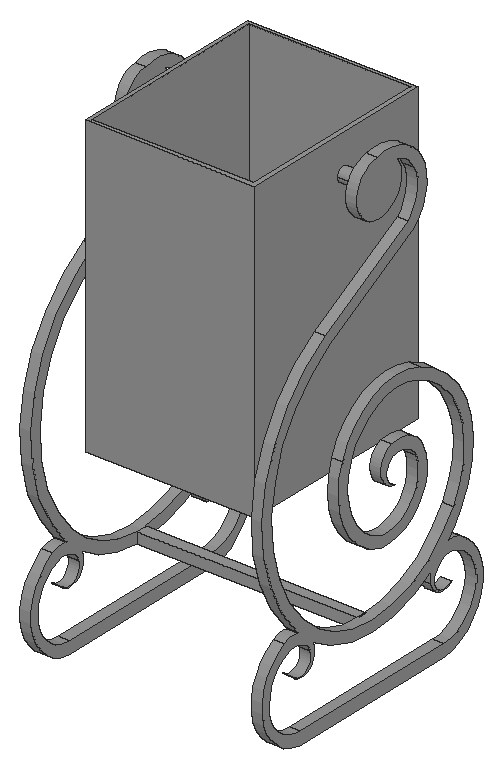
Revit family "10931 Уличная урна для мусора «Валюта без крышки» Хоббика", category Антураж, Revit 2018
Family settings
  На основе рабочей плоскости = Нет
  Всегда вертикально = Да
  При загрузке вырезать с полостями = Нет
  Источник визуального образа = Геометрия семейства
  Общий = Нет
  Точка расчета площади = Нет
Parameters (values of type "Уличная урна для мусора «Валюта без крышки»")
  Ширина = 380 mm  # constant formula
  Цвет основания = Сталь
  Описание = "Уличная урна для мусора «Валюта без крышки»"  # constant formula
  Материал изделия = "Сталь"  # constant formula
  Изображение типоразмера = Уличная урна для мусора «Валюта без крышки» Арт 10931.jpg
  Изготовитель = "ООО «Хоббика»"  # constant formula
  Длина = 334 mm  # constant formula
  Группа модели = "Уличные урны"  # constant formula
  Высота = 680 mm  # constant formula
  Артикул товара = "Арт. 10931"  # constant formula
  URL = "https://hobbyka.ru/product/ulichnaya_urna_dlya_musora_valyuta_bez_kryshki/"
Reference planes
  plane 1 "По центру (Вперед/Назад)": y = 0
  plane 2: z = 0
  plane 3 "По центру (Влево/Вправо)": x = 0
  plane 4: x = 334
  plane 5: y = 380
  plane 6: z = 680
Forms (mm)
  Extrusion 1, solid, material "Сталь" <- "Цвет основания"
    sketch origin (0, 0, 0) x (0, 1, 0) y (0, 0, 1)
      loop
        line (313.513, 17.344) -> (66.487, 17.344)
        arc (66.487, 17.344) -> (12.069, 62.142) -> (45.577, 124.153) r 55.451
        arc (45.577, 124.153) -> (67.159, 124.182) -> (82.664, 109.168) r 28.711
        arc (82.664, 109.168) -> (76.581, 87.346) -> (53.994, 89.093) r 17.837
        arc (53.994, 89.093) -> (74.887, 84.441) -> (88.637, 100.846) r 20.606
        arc (88.637, 100.846) -> (75.024, 135.051) -> (38.287, 137.428) r 34.449
        arc (38.287, 137.428) -> (1.349, 58.938) -> (65, 0) r 73.436
        line (65, 0) -> (315, 0)
        arc (315, 0) -> (378.651, 58.938) -> (341.713, 137.428) r 73.436
        arc (341.713, 137.428) -> (304.976, 135.051) -> (291.363, 100.846) r 34.449
        arc (291.363, 100.846) -> (305.113, 84.441) -> (326.006, 89.093) r 20.606
        arc (326.006, 89.093) -> (303.419, 87.346) -> (297.336, 109.168) r 17.837
        arc (297.336, 109.168) -> (312.841, 124.182) -> (334.423, 124.153) r 28.711
        arc (334.423, 124.153) -> (367.931, 62.142) -> (313.513, 17.344) r 55.451
    from 0 to 15
  Extrusion 2, solid, material "Сталь" <- "Цвет основания"
    sketch origin (0, 0, 0) x (0, 1, 0) y (0, 0, 1)
      loop
        arc (329.972, 179.351) -> (207.428, 101.608) -> (71.397, 152.173) r 163.246
        arc (71.397, 152.173) -> (16.883, 323.932) -> (116.628, 474.01) r 208.459
        line (116.628, 474.01) -> (260.94, 554.004)
        arc (260.94, 554.004) -> (282.215, 592.49) -> (274.795, 635.835) r 66.447
        arc (274.795, 635.835) -> (242.663, 664.747) -> (199.545, 667.777) r 66.447
        arc (199.545, 667.777) -> (184.977, 594.9) -> (231.501, 652.854) r 38.252
        arc (231.501, 652.854) -> (248.966, 643.654) -> (261.68, 628.554) r 51.447
        arc (261.68, 628.554) -> (267.55, 595.769) -> (252.108, 566.259) r 51.447
        line (252.108, 566.259) -> (109.155, 487.019)
        arc (109.155, 487.019) -> (2.045, 326.137) -> (60.465, 141.902) r 223.459
        arc (60.465, 141.902) -> (208.995, 86.69) -> (342.801, 171.576) r 178.246
        arc (342.801, 171.576) -> (355.614, 291.298) -> (271.809, 377.751) r 141.874
        arc (271.809, 377.751) -> (192.816, 375.532) -> (138.31, 318.313) r 103.726
        arc (138.31, 318.313) -> (136.93, 247.004) -> (181.92, 191.661) r 103.726
        arc (181.92, 191.661) -> (261.45, 199.471) -> (277.53, 277.748) r 67.346
        arc (277.53, 277.748) -> (255.219, 300.144) -> (223.722, 302.839) r 45.974
        arc (223.722, 302.839) -> (204.21, 275.207) -> (227.659, 250.827) r 26.559
        arc (227.659, 250.827) -> (213.314, 269.596) -> (227.659, 288.365) r 19.451
        arc (227.659, 288.365) -> (248.88, 286.549) -> (263.911, 271.461) r 30.974
        arc (263.911, 271.461) -> (251.413, 210.618) -> (189.597, 204.548) r 52.346
        arc (189.597, 204.548) -> (151.113, 251.887) -> (152.294, 312.885) r 88.726
        arc (152.294, 312.885) -> (198.917, 361.829) -> (266.487, 363.727) r 88.726
        arc (266.487, 363.727) -> (341.431, 286.414) -> (329.972, 179.351) r 126.874
    from 0 to 15
  Extrusion 3, solid, material "Сталь" <- "Цвет основания"
    sketch origin (0, 0, 0) x (0, 1, 0) y (0, 0, 1)
      loop
        line (313.513, 17.344) -> (66.487, 17.344)
        arc (66.487, 17.344) -> (12.069, 62.142) -> (45.577, 124.153) r 55.451
        arc (45.577, 124.153) -> (67.159, 124.182) -> (82.664, 109.168) r 28.711
        arc (82.664, 109.168) -> (76.581, 87.346) -> (53.994, 89.093) r 17.837
        arc (53.994, 89.093) -> (74.887, 84.441) -> (88.637, 100.846) r 20.606
        arc (88.637, 100.846) -> (75.024, 135.051) -> (38.287, 137.428) r 34.449
        arc (38.287, 137.428) -> (1.349, 58.938) -> (65, 0) r 73.436
        line (65, 0) -> (315, 0)
        arc (315, 0) -> (378.651, 58.938) -> (341.713, 137.428) r 73.436
        arc (341.713, 137.428) -> (304.976, 135.051) -> (291.363, 100.846) r 34.449
        arc (291.363, 100.846) -> (305.113, 84.441) -> (326.006, 89.093) r 20.606
        arc (326.006, 89.093) -> (303.419, 87.346) -> (297.336, 109.168) r 17.837
        arc (297.336, 109.168) -> (312.841, 124.182) -> (334.423, 124.153) r 28.711
        arc (334.423, 124.153) -> (367.931, 62.142) -> (313.513, 17.344) r 55.451
    from 319 to 334
  Extrusion 4, solid, material "Сталь" <- "Цвет основания"
    sketch origin (0, 0, 0) x (0, 1, 0) y (0, 0, 1)
      loop
        arc (329.972, 179.351) -> (207.428, 101.608) -> (71.397, 152.173) r 163.246
        arc (71.397, 152.173) -> (16.883, 323.932) -> (116.628, 474.01) r 208.459
        line (116.628, 474.01) -> (260.94, 554.004)
        arc (260.94, 554.004) -> (282.215, 592.49) -> (274.795, 635.835) r 66.447
        arc (274.795, 635.835) -> (242.663, 664.747) -> (199.545, 667.777) r 66.447
        arc (199.545, 667.777) -> (184.977, 594.9) -> (231.501, 652.854) r 38.252
        arc (231.501, 652.854) -> (248.966, 643.654) -> (261.68, 628.554) r 51.447
        arc (261.68, 628.554) -> (267.55, 595.769) -> (252.108, 566.259) r 51.447
        line (252.108, 566.259) -> (109.155, 487.019)
        arc (109.155, 487.019) -> (2.045, 326.137) -> (60.465, 141.902) r 223.459
        arc (60.465, 141.902) -> (208.995, 86.69) -> (342.801, 171.576) r 178.246
        arc (342.801, 171.576) -> (355.614, 291.298) -> (271.809, 377.751) r 141.874
        arc (271.809, 377.751) -> (192.816, 375.532) -> (138.31, 318.313) r 103.726
        arc (138.31, 318.313) -> (136.93, 247.004) -> (181.92, 191.661) r 103.726
        arc (181.92, 191.661) -> (261.45, 199.471) -> (277.53, 277.748) r 67.346
        arc (277.53, 277.748) -> (255.219, 300.144) -> (223.722, 302.839) r 45.974
        arc (223.722, 302.839) -> (204.21, 275.207) -> (227.659, 250.827) r 26.559
        arc (227.659, 250.827) -> (213.314, 269.596) -> (227.659, 288.365) r 19.451
        arc (227.659, 288.365) -> (248.88, 286.549) -> (263.911, 271.461) r 30.974
        arc (263.911, 271.461) -> (251.413, 210.618) -> (189.597, 204.548) r 52.346
        arc (189.597, 204.548) -> (151.113, 251.887) -> (152.294, 312.885) r 88.726
        arc (152.294, 312.885) -> (198.917, 361.829) -> (266.487, 363.727) r 88.726
        arc (266.487, 363.727) -> (341.431, 286.414) -> (329.972, 179.351) r 126.874
    from 319 to 334
  Extrusion 5, solid, material "Сталь" <- "Цвет основания"
    sketch origin (0, 0, 0) x (0, 1, 0) y (0, 0, 1)
      loop
        arc (182.864, 85.871) -> (190.364, 85.714) -> (197.864, 85.871) r 178.246
        line (197.864, 85.871) -> (197.864, 100.886)
        arc (197.864, 100.886) -> (190.364, 100.714) -> (182.864, 100.886) r 163.246
        line (182.864, 100.886) -> (182.864, 85.871)
    from 15 to 319
  Extrusion 6, solid, material "Сталь" <- "Цвет основания"
    sketch origin (0, 0, 0) x (1, 0, 0) y (0, 1, 0)
      loop
        line (50, 330) -> (50, 50) -> (284, 50) -> (284, 330) -> (50, 330)
    from 270 to 680
  Extrusion 7, void
    sketch origin (0, 0, 0) x (1, 0, 0) y (0, 1, 0)
      loop
        line (55, 325) -> (55, 55) -> (279, 55) -> (279, 325) -> (55, 325)
    from 274.114 to 680
  Extrusion 8, solid, material "Сталь" <- "Цвет основания"
    sketch origin (0, 0, 0) x (0, 1, 0) y (0, 0, 1)
      loop
        circle (201.161, 629.559) r 10
    from 15 to 50
  Extrusion 9, solid, material "Сталь" <- "Цвет основания"
    sketch origin (0, 0, 0) x (0, 1, 0) y (0, 0, 1)
      loop
        circle (201.161, 629.559) r 10
    from 284 to 319
Cuts and joins
  Extrusion 7 cuts Extrusion 1
  Extrusion 7 cuts Extrusion 2
  Extrusion 7 cuts Extrusion 5
  joined: Extrusion 1, Extrusion 2, Extrusion 5
  joined: Extrusion 3, Extrusion 4
  Extrusion 7 cuts Extrusion 6
Dimensions and locks
  "Длина": plane 3 "По центру (Влево/Вправо)" to plane 4
  "Ширина": plane 5 to plane 1 "По центру (Вперед/Назад)"
  "Высота": plane 6 to plane 2
  aligned and locked: level to plane 2
Automatic sketch dimensions
  Extrusion 1 sketch curve to level = 0 mm
  Extrusion 1 sketch curve to plane 1 "По центру (Вперед/Назад)" = 54.775 mm
  Extrusion 1 sketch curve to Extrusion 1 sketch curve = 1.628 mm  (x2)
  Extrusion 1 sketch curve to plane 1 "По центру (Вперед/Назад)" = 65 mm
  Extrusion 1 sketch curve to Extrusion 1 sketch curve = 9.946 mm  (x2)
  Extrusion 1 sketch curve to Extrusion 1 sketch curve = 1.487 mm  (x2)
  Extrusion 1 sketch curve to Extrusion 1 sketch curve = 1.918 mm  (x2)
  Extrusion 1 sketch curve to Extrusion 1 sketch curve = 6.948 mm  (x2)
  Extrusion 1 sketch curve to plane 5 = 73.435 mm
  Extrusion 1 sketch curve to Extrusion 1 sketch curve = 5.168 mm
  level to Extrusion 1 sketch curve = 17.344 mm
  Extrusion 1 sketch curve to Extrusion 1 sketch curve = 55.451 mm  (x2)
  Extrusion 1 sketch curve to Extrusion 1 sketch curve = 0.155 mm  (x2)
  Extrusion 1 sketch curve to Extrusion 1 sketch curve = 24.766 mm  (x2)
  Extrusion 1 sketch curve to Extrusion 1 sketch curve = 4.396 mm  (x2)
  Extrusion 1 sketch curve to Extrusion 1 sketch curve = 1.997 mm  (x2)
  Extrusion 1 sketch curve to Extrusion 1 sketch curve = 9.62 mm  (x2)
  Extrusion 1 sketch curve to Extrusion 1 sketch curve = 2.41 mm
  Extrusion 1 sketch curve to Extrusion 1 sketch curve = 0 mm  (x5)
  Extrusion 1 sketch curve to Extrusion 1 sketch curve = 20.37 mm
  Extrusion 1 sketch curve to Extrusion 1 sketch curve = 5.973 mm
  Extrusion 2 sketch curve to Extrusion 2 sketch curve = 0 mm  (x42)
  Extrusion 2 sketch curve to plane 1 "По центру (Вперед/Назад)" = 109.155 mm
  Extrusion 2 sketch curve to Extrusion 2 sketch curve = 7.473 mm
  Extrusion 2 sketch curve to plane 5 = 189.636 mm
  Extrusion 2 sketch curve to plane 6 = 50.441 mm
  Extrusion 2 sketch curve to Extrusion 2 sketch curve = 92.006 mm
  Extrusion 2 sketch curve to Extrusion 2 sketch curve = 26.023 mm
  Extrusion 2 sketch curve to Extrusion 2 sketch curve = 15.539 mm
  Extrusion 2 sketch curve to Extrusion 2 sketch curve = 5.083 mm
  Extrusion 2 sketch curve to Extrusion 2 sketch curve = 32.949 mm
  Extrusion 2 sketch curve to Extrusion 2 sketch curve = 7.381 mm
  Extrusion 2 sketch curve to Extrusion 2 sketch curve = 2.072 mm
  Extrusion 2 sketch curve to Extrusion 2 sketch curve = 4.312 mm
  Extrusion 2 sketch curve to Extrusion 2 sketch curve = 3.025 mm
  Extrusion 2 sketch curve to Extrusion 2 sketch curve = 35.408 mm
  Extrusion 2 sketch curve to Extrusion 2 sketch curve = 8.832 mm
  Extrusion 2 sketch curve to Extrusion 2 sketch curve = 25.977 mm
  Extrusion 2 sketch curve to Extrusion 2 sketch curve = 37.324 mm
  Extrusion 2 sketch curve to Extrusion 2 sketch curve = 12.255 mm
  Extrusion 2 sketch curve to Extrusion 2 sketch curve = 116.564 mm
  Extrusion 2 sketch curve to Extrusion 2 sketch curve = 13.008 mm
  Extrusion 2 sketch curve to Extrusion 2 sketch curve = 179.091 mm
  Extrusion 2 sketch curve to Extrusion 2 sketch curve = 14.146 mm
  Extrusion 2 sketch curve to Extrusion 2 sketch curve = 3.562 mm
  Extrusion 2 sketch curve to Extrusion 2 sketch curve = 7.616 mm
  Extrusion 2 sketch curve to Extrusion 2 sketch curve = 13.252 mm
  Extrusion 2 sketch curve to Extrusion 2 sketch curve = 11.119 mm
  Extrusion 2 sketch curve to Extrusion 2 sketch curve = 8.958 mm
  Extrusion 2 sketch curve to Extrusion 2 sketch curve = 4.411 mm
  Extrusion 2 sketch curve to Extrusion 2 sketch curve = 52.053 mm
  Extrusion 2 sketch curve to Extrusion 2 sketch curve = 13.983 mm
  Extrusion 2 sketch curve to Extrusion 2 sketch curve = 39.549 mm
  Extrusion 2 sketch curve to Extrusion 2 sketch curve = 7.677 mm
  Extrusion 2 sketch curve to plane 6 = 12.223 mm
  Extrusion 2 sketch curve to Extrusion 2 sketch curve = 0.409 mm
  Extrusion 2 sketch curve to Extrusion 2 sketch curve = 4.347 mm
  Extrusion 2 sketch curve to Extrusion 2 sketch curve = 30.179 mm
  Extrusion 2 sketch curve to Extrusion 2 sketch curve = 13.114 mm
  Extrusion 3 sketch curve to level = 0 mm
  Extrusion 3 sketch curve to plane 1 "По центру (Вперед/Назад)" = 54.775 mm
  Extrusion 3 sketch curve to Extrusion 3 sketch curve = 1.628 mm  (x2)
  Extrusion 3 sketch curve to plane 1 "По центру (Вперед/Назад)" = 65 mm
  Extrusion 3 sketch curve to Extrusion 3 sketch curve = 9.946 mm  (x2)
  Extrusion 3 sketch curve to Extrusion 3 sketch curve = 1.487 mm  (x2)
  Extrusion 3 sketch curve to Extrusion 3 sketch curve = 1.918 mm  (x2)
  Extrusion 3 sketch curve to Extrusion 3 sketch curve = 6.948 mm  (x2)
  Extrusion 3 sketch curve to plane 5 = 73.435 mm
  Extrusion 3 sketch curve to Extrusion 3 sketch curve = 5.168 mm
  level to Extrusion 3 sketch curve = 17.344 mm
  Extrusion 3 sketch curve to Extrusion 3 sketch curve = 55.451 mm  (x2)
  Extrusion 3 sketch curve to Extrusion 3 sketch curve = 0.155 mm  (x2)
  Extrusion 3 sketch curve to Extrusion 3 sketch curve = 24.766 mm  (x2)
  Extrusion 3 sketch curve to Extrusion 3 sketch curve = 4.396 mm  (x2)
  Extrusion 3 sketch curve to Extrusion 3 sketch curve = 1.997 mm  (x2)
  Extrusion 3 sketch curve to Extrusion 3 sketch curve = 9.62 mm  (x2)
  Extrusion 3 sketch curve to Extrusion 3 sketch curve = 2.41 mm
  Extrusion 3 sketch curve to Extrusion 3 sketch curve = 0 mm  (x5)
  Extrusion 3 sketch curve to Extrusion 3 sketch curve = 20.37 mm
  Extrusion 3 sketch curve to Extrusion 3 sketch curve = 5.973 mm
  Extrusion 4 sketch curve to Extrusion 4 sketch curve = 0 mm  (x42)
  Extrusion 4 sketch curve to plane 1 "По центру (Вперед/Назад)" = 109.155 mm
  Extrusion 4 sketch curve to Extrusion 4 sketch curve = 7.473 mm
  Extrusion 4 sketch curve to plane 5 = 189.636 mm
  Extrusion 4 sketch curve to plane 6 = 50.441 mm
  Extrusion 4 sketch curve to Extrusion 4 sketch curve = 92.006 mm
  Extrusion 4 sketch curve to Extrusion 4 sketch curve = 26.023 mm
  Extrusion 4 sketch curve to Extrusion 4 sketch curve = 15.539 mm
  Extrusion 4 sketch curve to Extrusion 4 sketch curve = 5.083 mm
  Extrusion 4 sketch curve to Extrusion 4 sketch curve = 32.949 mm
  Extrusion 4 sketch curve to Extrusion 4 sketch curve = 7.381 mm
  Extrusion 4 sketch curve to Extrusion 4 sketch curve = 2.072 mm
  Extrusion 4 sketch curve to Extrusion 4 sketch curve = 4.312 mm
  Extrusion 4 sketch curve to Extrusion 4 sketch curve = 3.025 mm
  Extrusion 4 sketch curve to Extrusion 4 sketch curve = 35.408 mm
  Extrusion 4 sketch curve to Extrusion 4 sketch curve = 8.832 mm
  Extrusion 4 sketch curve to Extrusion 4 sketch curve = 25.977 mm
  Extrusion 4 sketch curve to Extrusion 4 sketch curve = 37.324 mm
  Extrusion 4 sketch curve to Extrusion 4 sketch curve = 12.255 mm
  Extrusion 4 sketch curve to Extrusion 4 sketch curve = 116.564 mm
  Extrusion 4 sketch curve to Extrusion 4 sketch curve = 13.008 mm
  Extrusion 4 sketch curve to Extrusion 4 sketch curve = 179.091 mm
  Extrusion 4 sketch curve to Extrusion 4 sketch curve = 14.146 mm
  Extrusion 4 sketch curve to Extrusion 4 sketch curve = 3.562 mm
  Extrusion 4 sketch curve to Extrusion 4 sketch curve = 7.616 mm
  Extrusion 4 sketch curve to Extrusion 4 sketch curve = 13.252 mm
  Extrusion 4 sketch curve to Extrusion 4 sketch curve = 11.119 mm
  Extrusion 4 sketch curve to Extrusion 4 sketch curve = 8.958 mm
  Extrusion 4 sketch curve to Extrusion 4 sketch curve = 4.411 mm
  Extrusion 4 sketch curve to Extrusion 4 sketch curve = 52.053 mm
  Extrusion 4 sketch curve to Extrusion 4 sketch curve = 13.983 mm
  Extrusion 4 sketch curve to Extrusion 4 sketch curve = 39.549 mm
  Extrusion 4 sketch curve to Extrusion 4 sketch curve = 7.677 mm
  Extrusion 4 sketch curve to plane 6 = 12.223 mm
  Extrusion 4 sketch curve to Extrusion 4 sketch curve = 0.409 mm
  Extrusion 4 sketch curve to Extrusion 4 sketch curve = 4.347 mm
  Extrusion 4 sketch curve to Extrusion 4 sketch curve = 30.179 mm
  Extrusion 4 sketch curve to Extrusion 4 sketch curve = 13.114 mm
  Extrusion 5 sketch curve to Extrusion 5 sketch curve = 0 mm  (x2)
  Extrusion 5 sketch curve to plane 1 "По центру (Вперед/Назад)" = 182.864 mm
  Extrusion 5 sketch curve to Extrusion 5 sketch curve = 7.5 mm
  Extrusion 5 sketch curve to Extrusion 5 sketch curve = 15 mm
  level to Extrusion 5 sketch curve = 85.871 mm
  Extrusion 5 sketch curve to Extrusion 5 sketch curve = 15.015 mm
  Extrusion 5 sketch curve to Extrusion 5 sketch curve = 163.074 mm
  plane 3 "По центру (Влево/Вправо)" to Extrusion 6 sketch curve = 50 mm
  Extrusion 6 sketch curve to plane 4 = 50 mm
  Extrusion 6 sketch curve to plane 1 "По центру (Вперед/Назад)" = 50 mm
  Extrusion 6 sketch curve to plane 5 = 50 mm
  plane 3 "По центру (Влево/Вправо)" to Extrusion 7 sketch curve = 55 mm
  Extrusion 7 sketch curve to plane 4 = 55 mm
  Extrusion 7 sketch curve to plane 1 "По центру (Вперед/Назад)" = 55 mm
  Extrusion 7 sketch curve to plane 5 = 55 mm
  Extrusion 8 sketch curve to plane 6 = 50.441 mm
  Extrusion 8 sketch curve to plane 5 = 178.839 mm
  Extrusion 9 sketch curve to plane 6 = 50.441 mm
  Extrusion 9 sketch curve to plane 5 = 178.839 mm
  radius of Extrusion 8 sketch curve = 10 mm
  radius of Extrusion 9 sketch curve = 10 mm
